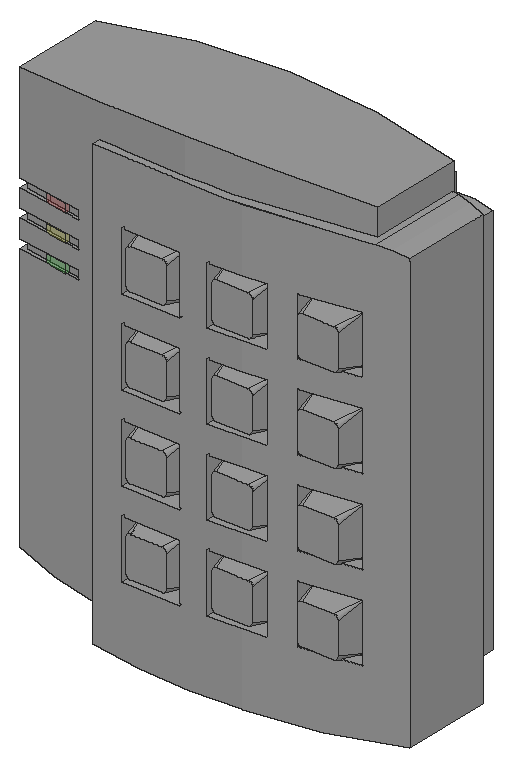
Revit family "STS-708_RV17_LOD_400", category Электрооборудование, Revit 2017
Family settings
  Конфигурация панели = Два столбца, слева направо
  Размер круглого соединителя = Использовать диаметр
  Тип детали = Щит
  На основе рабочей плоскости = Нет
  Всегда вертикально = Да
  При загрузке вырезать с полостями = Нет
  Общий = Нет
  Точка расчета площади = Нет
Parameters (values of type "STS-708")
  Частота, кГц = 125
  Удаленность от контроллера Wiegand 42, не более, м = 100 mm
  Смещение_УГО_Y [instance] = 0 mm
  Смещение_УГО_X [instance] = 0 mm
  Раздел проекта [instance] = ""
  Раздел Спецификации [instance] = ""
  Потребляемый ток, не более, А = 0.08
  Номинальная дальность считывания = "1-7 (зависит от\r\nидентификатора доступа)"
  Напряжение = "12"
  Кодировка = "Manchester 64-bit"
  Информационные интерфейсы = "Wiegand 26-42"
  Идентификаторы = "Em - Marin"
  Время считывания проксимити-карт, не более, мс = 200
  Видимость_УГО [instance] = yes
  В_Смещение_УГО_Y [instance] = Смещение_УГО_Y + 2000 mm  # 2000 mm
  В_Смещение_УГО_X [instance] = Смещение_УГО_X + 2000 mm  # 2000 mm
  d короба [instance] = 20 mm
  ADSK_Размер_Ширина = 87 mm
  ADSK_Размер_Глубина = 35 mm
  ADSK_Размер_Высота = 108 mm
  ADSK_Примечание = ""
  ADSK_Наименование = "STS-708"
  ADSK_Масса = 0.25
  ADSK_Марка = "СТВФ.431295.002"
  ADSK_Количество = 1
  ADSK_Завод-изготовитель = "ООО «Основа Безопасности»"  # constant formula
  ADSK_Единица измерения = "шт."  # constant formula
  ADSK_URL страницы изделия = "https://stilsoft.ru/products/sts-708"
  ADSK_URL документации изделия = ""
Reference planes
  plane 1 "По центру (Вперед/Назад)": y = 0
  plane 2: z = 0
  plane 3 "По центру (Влево/Вправо)": x = 0
  plane 4 "6": y = -35
  plane 5: x = 43.5
  plane 6 "7": x = -43.5
  plane 7 "вверх": z = 108
  plane 8: y = -4
  plane 9: y = -33
  plane 10: y = 0
  plane 11: x = 0
  plane 12: y = 2000
  plane 13: x = -2000
Forms (mm)
  Extrusion 1, solid, material "По умолчанию", detail levels medium+fine
    sketch origin (0, 0, 108) x (-1, 0, 0) y (0, -1, 0)
      loop
        arc (43.5, 28) -> (4, 32) -> (-35.5, 28) r 197.031
        line (-35.5, 28) -> (-35.5, 7)
        arc (-35.5, 7) -> (4, 3) -> (43.5, 7) r 197.031
        line (43.5, 7) -> (43.5, 28)
    from 0 to -100
  Extrusion 2, solid, material "По умолчанию", detail levels medium+fine
    sketch origin (0, 0, 0) x (1, 0, 0) y (0, 1, 0)
      loop
        line (-23.5, -4.578) -> (-23.5, -33)
        arc (-23.5, -33) -> (10.156, -33.62) -> (43.5, -29) r 215.844
        line (43.5, -29) -> (43.5, -9)
        arc (43.5, -9) -> (10.193, -3.867) -> (-23.5, -4.578) r 193.933
    from 0 to 100
  Extrusion 3, solid, material "По умолчанию", detail levels medium+fine
    sketch origin (0, 0, 0) x (1, 0, 0) y (0, 0, 1)
      loop
        arc (-38.5, 13) -> (-28.649, 10.51) -> (-18.5, 10) r 51.561
        line (-18.5, 10) -> (-18.5, 6)
        arc (-18.5, 6) -> (10.026, 5.004) -> (38.5, 7) r 272.209
        line (38.5, 7) -> (38.5, 94)
        arc (38.5, 94) -> (34.549, 94.894) -> (30.5, 95) r 20.654
        line (30.5, 95) -> (30.5, 99)
        arc (30.5, 99) -> (-4, 100) -> (-38.5, 99) r 595.625
        line (-38.5, 99) -> (-38.5, 13)
    from 0 to 10
  Sweep 4, void
    path origin (0, 0, 0) x (1, 0, 0) y (0, 1, 0)
      loop
        line (-23.5, -1.655) -> (-23.5, -35)
    profile origin (-23.5, -18.327, 0) x (1, 0, 0) y (0, 0, 1)
      loop
        line (0, 1) -> (-1, 1) -> (-1, -2) -> (68, -2) -> (68, 2) -> (67, 2)
        arc (67, 2) -> (33.522, 0) -> (0, 1) r 374.958
  Sweep 5, void
    path origin (0, 0, 8) x (-1, 0, 0) y (0, -1, 0)
      loop
        line (23.5, 3) -> (23.5, 33)
    profile origin (-23.5, -18, 8) x (1, 0, 0) y (0, 0, 1)
      loop
        arc (0, 0) -> (-10.125, 0.67) -> (-20, 3) r 61.309
        line (-20, 3) -> (-21.767, 3) -> (-21.767, -2) -> (0, -2) -> (0, 0)
  Sweep 6, void
    path origin (0, 0, 108) x (-1, 0, 0) y (0, -1, 0)
      loop
        line (43.5, 0) -> (43.5, 35)
    profile origin (-43.5, -17.5, 108) x (1, 0, 0) y (0, 0, 1)
      loop
        arc (0, -2) -> (39.5, 0) -> (79, -2) r 391.063
        line (79, -2) -> (81, -2) -> (81, 2) -> (-2, 2) -> (-2, -2) -> (0, -2)
  Sweep 7, void
    path origin (0, 0, 100) x (0, -1, 0) y (1, 0, 0)
      loop
        line (5.698, 35.5) -> (32, 35.5)
    profile origin (35.5, -18.849, 100) x (1, 0, 0) y (0, 0, 1)
      loop
        arc (0, 0) -> (4.038, -0.192) -> (8, -1) r 26.362
        line (8, -1) -> (9, -1) -> (9, 1) -> (0, 1) -> (0, 0)
  Extrusion 8, void, detail levels fine
    sketch origin (-43.5, 0, 0) x (0, -1, 0) y (0, 0, 1)
      loop
        line (28, 84) -> (17, 84) -> (17, 82) -> (28, 82) -> (28, 84)
      loop
        line (28, 78) -> (17, 78) -> (17, 76) -> (28, 76) -> (28, 78)
      loop
        line (28, 72) -> (17, 72) -> (17, 70) -> (28, 70) -> (28, 72)
    from 0 to -1
  Extrusion 9, void, detail levels fine
    sketch origin (-5.948, -33.735, 0) x (-0.984808, 0.173648, 0) y (0, 0, 1)
      loop
        line (37.977, 84) -> (22.977, 84) -> (22.977, 82) -> (37.977, 82) -> (37.977, 84)
      loop
        line (37.977, 78) -> (22.977, 78) -> (22.977, 76) -> (37.977, 76) -> (37.977, 78)
      loop
        line (37.977, 72) -> (22.977, 72) -> (22.977, 70) -> (37.977, 70) -> (37.977, 72)
    from 0 to -1.049
  Extrusion 10, solid, material "Стекло", detail levels fine
    sketch origin (-5.948, -33.735, 0) x (-0.984808, 0.173648, 0) y (0, 0, 1)
      loop
        line (25.977, 82) -> (30.977, 82) -> (30.977, 84) -> (25.977, 84) -> (25.977, 82)
    from 0 to -1
  Extrusion 11, solid, material "Стекло 2", detail levels fine
    sketch origin (-5.948, -33.735, -6) x (-0.984808, 0.173648, 0) y (0, 0, 1)
      loop
        line (25.977, 82) -> (30.977, 82) -> (30.977, 84) -> (25.977, 84) -> (25.977, 82)
    from 0 to -1
  Extrusion 12, solid, material "Стекло 3", detail levels fine
    sketch origin (-5.948, -33.735, -12) x (-0.984808, 0.173648, 0) y (0, 0, 1)
      loop
        line (25.977, 82) -> (30.977, 82) -> (30.977, 84) -> (25.977, 84) -> (25.977, 82)
    from 0 to -1
  Extrusion 13, void, detail levels medium+fine
    sketch origin (0, -28, 0) x (-1, 0, 0) y (0, 0, 1)
      loop
        line (16.5, 86) -> (3.5, 86) -> (3.5, 73) -> (16.5, 73) -> (16.5, 86)
      loop
        line (-2.5, 86) -> (-15.5, 86) -> (-15.5, 73) -> (-2.5, 73) -> (-2.5, 86)
      loop
        line (-21.5, 86) -> (-34.5, 86) -> (-34.5, 73) -> (-21.5, 73) -> (-21.5, 86)
      loop
        line (16.5, 67) -> (3.5, 67) -> (3.5, 54) -> (16.5, 54) -> (16.5, 67)
      loop
        line (-2.5, 67) -> (-15.5, 67) -> (-15.5, 54) -> (-2.5, 54) -> (-2.5, 67)
      loop
        line (-21.5, 67) -> (-34.5, 67) -> (-34.5, 54) -> (-21.5, 54) -> (-21.5, 67)
      loop
        line (16.5, 48) -> (3.5, 48) -> (3.5, 35) -> (16.5, 35) -> (16.5, 48)
      loop
        line (-2.5, 48) -> (-15.5, 48) -> (-15.5, 35) -> (-2.5, 35) -> (-2.5, 48)
      loop
        line (-21.5, 48) -> (-34.5, 48) -> (-34.5, 35) -> (-21.5, 35) -> (-21.5, 48)
      loop
        line (16.5, 29) -> (3.5, 29) -> (3.5, 16) -> (16.5, 16) -> (16.5, 29)
      loop
        line (-2.5, 29) -> (-15.5, 29) -> (-15.5, 16) -> (-2.5, 16) -> (-2.5, 29)
      loop
        line (-21.5, 29) -> (-34.5, 29) -> (-34.5, 16) -> (-21.5, 16) -> (-21.5, 29)
    from 0 to -7
  Blend 14, solid, material "По умолчанию", detail levels medium+fine
    base sketch origin (0, -28, 0) x (-1, 0, 0) y (0, 0, 1)
      loop
        line (15.5, 85) -> (4.5, 85) -> (4.5, 74) -> (15.5, 74) -> (15.5, 85)
    top sketch origin (0, -28, 0) x (-1, 0, 0) y (0, 0, 1)
      loop
        line (13.5, 84) -> (6.5, 84)
        arc (6.5, 84) -> (5.793, 83.707) -> (5.5, 83) r 1
        line (5.5, 83) -> (5.5, 76)
        arc (5.5, 76) -> (5.793, 75.293) -> (6.5, 75) r 1
        line (6.5, 75) -> (13.5, 75)
        arc (13.5, 75) -> (14.207, 75.293) -> (14.5, 76) r 1
        line (14.5, 76) -> (14.5, 83)
        arc (14.5, 83) -> (14.207, 83.707) -> (13.5, 84) r 1
    from 0 to -7
  Blend 15, solid, material "По умолчанию", detail levels medium+fine
    base sketch origin (19, -28, 0) x (-1, 0, 0) y (0, 0, 1)
      loop
        line (15.5, 85) -> (4.5, 85) -> (4.5, 74) -> (15.5, 74) -> (15.5, 85)
    top sketch origin (19, -28, 0) x (-1, 0, 0) y (0, 0, 1)
      loop
        line (13.5, 84) -> (6.5, 84)
        arc (6.5, 84) -> (5.793, 83.707) -> (5.5, 83) r 1
        line (5.5, 83) -> (5.5, 76)
        arc (5.5, 76) -> (5.793, 75.293) -> (6.5, 75) r 1
        line (6.5, 75) -> (13.5, 75)
        arc (13.5, 75) -> (14.207, 75.293) -> (14.5, 76) r 1
        line (14.5, 76) -> (14.5, 83)
        arc (14.5, 83) -> (14.207, 83.707) -> (13.5, 84) r 1
    from 0 to -7
  Blend 16, solid, material "По умолчанию", detail levels medium+fine
    base sketch origin (38, -28, 0) x (-1, 0, 0) y (0, 0, 1)
      loop
        line (15.5, 85) -> (4.5, 85) -> (4.5, 74) -> (15.5, 74) -> (15.5, 85)
    top sketch origin (38, -28, 0) x (-1, 0, 0) y (0, 0, 1)
      loop
        line (13.5, 84) -> (6.5, 84)
        arc (6.5, 84) -> (5.793, 83.707) -> (5.5, 83) r 1
        line (5.5, 83) -> (5.5, 76)
        arc (5.5, 76) -> (5.793, 75.293) -> (6.5, 75) r 1
        line (6.5, 75) -> (13.5, 75)
        arc (13.5, 75) -> (14.207, 75.293) -> (14.5, 76) r 1
        line (14.5, 76) -> (14.5, 83)
        arc (14.5, 83) -> (14.207, 83.707) -> (13.5, 84) r 1
    from 0 to -7
  Blend 17, solid, material "По умолчанию", detail levels medium+fine
    base sketch origin (0, -28, -19) x (-1, 0, 0) y (0, 0, 1)
      loop
        line (15.5, 85) -> (4.5, 85) -> (4.5, 74) -> (15.5, 74) -> (15.5, 85)
    top sketch origin (0, -28, -19) x (-1, 0, 0) y (0, 0, 1)
      loop
        line (13.5, 84) -> (6.5, 84)
        arc (6.5, 84) -> (5.793, 83.707) -> (5.5, 83) r 1
        line (5.5, 83) -> (5.5, 76)
        arc (5.5, 76) -> (5.793, 75.293) -> (6.5, 75) r 1
        line (6.5, 75) -> (13.5, 75)
        arc (13.5, 75) -> (14.207, 75.293) -> (14.5, 76) r 1
        line (14.5, 76) -> (14.5, 83)
        arc (14.5, 83) -> (14.207, 83.707) -> (13.5, 84) r 1
    from 0 to -7
  Blend 18, solid, material "По умолчанию", detail levels medium+fine
    base sketch origin (19, -28, -19) x (-1, 0, 0) y (0, 0, 1)
      loop
        line (15.5, 85) -> (4.5, 85) -> (4.5, 74) -> (15.5, 74) -> (15.5, 85)
    top sketch origin (19, -28, -19) x (-1, 0, 0) y (0, 0, 1)
      loop
        line (13.5, 84) -> (6.5, 84)
        arc (6.5, 84) -> (5.793, 83.707) -> (5.5, 83) r 1
        line (5.5, 83) -> (5.5, 76)
        arc (5.5, 76) -> (5.793, 75.293) -> (6.5, 75) r 1
        line (6.5, 75) -> (13.5, 75)
        arc (13.5, 75) -> (14.207, 75.293) -> (14.5, 76) r 1
        line (14.5, 76) -> (14.5, 83)
        arc (14.5, 83) -> (14.207, 83.707) -> (13.5, 84) r 1
    from 0 to -7
  Blend 19, solid, material "По умолчанию", detail levels medium+fine
    base sketch origin (38, -28, -19) x (-1, 0, 0) y (0, 0, 1)
      loop
        line (15.5, 85) -> (4.5, 85) -> (4.5, 74) -> (15.5, 74) -> (15.5, 85)
    top sketch origin (38, -28, -19) x (-1, 0, 0) y (0, 0, 1)
      loop
        line (13.5, 84) -> (6.5, 84)
        arc (6.5, 84) -> (5.793, 83.707) -> (5.5, 83) r 1
        line (5.5, 83) -> (5.5, 76)
        arc (5.5, 76) -> (5.793, 75.293) -> (6.5, 75) r 1
        line (6.5, 75) -> (13.5, 75)
        arc (13.5, 75) -> (14.207, 75.293) -> (14.5, 76) r 1
        line (14.5, 76) -> (14.5, 83)
        arc (14.5, 83) -> (14.207, 83.707) -> (13.5, 84) r 1
    from 0 to -7
  Blend 20, solid, material "По умолчанию", detail levels medium+fine
    base sketch origin (0, -28, -38) x (-1, 0, 0) y (0, 0, 1)
      loop
        line (15.5, 85) -> (4.5, 85) -> (4.5, 74) -> (15.5, 74) -> (15.5, 85)
    top sketch origin (0, -28, -38) x (-1, 0, 0) y (0, 0, 1)
      loop
        line (13.5, 84) -> (6.5, 84)
        arc (6.5, 84) -> (5.793, 83.707) -> (5.5, 83) r 1
        line (5.5, 83) -> (5.5, 76)
        arc (5.5, 76) -> (5.793, 75.293) -> (6.5, 75) r 1
        line (6.5, 75) -> (13.5, 75)
        arc (13.5, 75) -> (14.207, 75.293) -> (14.5, 76) r 1
        line (14.5, 76) -> (14.5, 83)
        arc (14.5, 83) -> (14.207, 83.707) -> (13.5, 84) r 1
    from 0 to -7
  Blend 21, solid, material "По умолчанию", detail levels medium+fine
    base sketch origin (19, -28, -38) x (-1, 0, 0) y (0, 0, 1)
      loop
        line (15.5, 85) -> (4.5, 85) -> (4.5, 74) -> (15.5, 74) -> (15.5, 85)
    top sketch origin (19, -28, -38) x (-1, 0, 0) y (0, 0, 1)
      loop
        line (13.5, 84) -> (6.5, 84)
        arc (6.5, 84) -> (5.793, 83.707) -> (5.5, 83) r 1
        line (5.5, 83) -> (5.5, 76)
        arc (5.5, 76) -> (5.793, 75.293) -> (6.5, 75) r 1
        line (6.5, 75) -> (13.5, 75)
        arc (13.5, 75) -> (14.207, 75.293) -> (14.5, 76) r 1
        line (14.5, 76) -> (14.5, 83)
        arc (14.5, 83) -> (14.207, 83.707) -> (13.5, 84) r 1
    from 0 to -7
  Blend 22, solid, material "По умолчанию", detail levels medium+fine
    base sketch origin (38, -28, -38) x (-1, 0, 0) y (0, 0, 1)
      loop
        line (15.5, 85) -> (4.5, 85) -> (4.5, 74) -> (15.5, 74) -> (15.5, 85)
    top sketch origin (38, -28, -38) x (-1, 0, 0) y (0, 0, 1)
      loop
        line (13.5, 84) -> (6.5, 84)
        arc (6.5, 84) -> (5.793, 83.707) -> (5.5, 83) r 1
        line (5.5, 83) -> (5.5, 76)
        arc (5.5, 76) -> (5.793, 75.293) -> (6.5, 75) r 1
        line (6.5, 75) -> (13.5, 75)
        arc (13.5, 75) -> (14.207, 75.293) -> (14.5, 76) r 1
        line (14.5, 76) -> (14.5, 83)
        arc (14.5, 83) -> (14.207, 83.707) -> (13.5, 84) r 1
    from 0 to -7
  Blend 23, solid, material "По умолчанию", detail levels medium+fine
    base sketch origin (0, -28, -57) x (-1, 0, 0) y (0, 0, 1)
      loop
        line (15.5, 85) -> (4.5, 85) -> (4.5, 74) -> (15.5, 74) -> (15.5, 85)
    top sketch origin (0, -28, -57) x (-1, 0, 0) y (0, 0, 1)
      loop
        line (13.5, 84) -> (6.5, 84)
        arc (6.5, 84) -> (5.793, 83.707) -> (5.5, 83) r 1
        line (5.5, 83) -> (5.5, 76)
        arc (5.5, 76) -> (5.793, 75.293) -> (6.5, 75) r 1
        line (6.5, 75) -> (13.5, 75)
        arc (13.5, 75) -> (14.207, 75.293) -> (14.5, 76) r 1
        line (14.5, 76) -> (14.5, 83)
        arc (14.5, 83) -> (14.207, 83.707) -> (13.5, 84) r 1
    from 0 to -7
  Blend 24, solid, material "По умолчанию", detail levels medium+fine
    base sketch origin (19, -28, -57) x (-1, 0, 0) y (0, 0, 1)
      loop
        line (15.5, 85) -> (4.5, 85) -> (4.5, 74) -> (15.5, 74) -> (15.5, 85)
    top sketch origin (19, -28, -57) x (-1, 0, 0) y (0, 0, 1)
      loop
        line (13.5, 84) -> (6.5, 84)
        arc (6.5, 84) -> (5.793, 83.707) -> (5.5, 83) r 1
        line (5.5, 83) -> (5.5, 76)
        arc (5.5, 76) -> (5.793, 75.293) -> (6.5, 75) r 1
        line (6.5, 75) -> (13.5, 75)
        arc (13.5, 75) -> (14.207, 75.293) -> (14.5, 76) r 1
        line (14.5, 76) -> (14.5, 83)
        arc (14.5, 83) -> (14.207, 83.707) -> (13.5, 84) r 1
    from 0 to -7
  Blend 25, solid, material "По умолчанию", detail levels medium+fine
    base sketch origin (38, -28, -57) x (-1, 0, 0) y (0, 0, 1)
      loop
        line (15.5, 85) -> (4.5, 85) -> (4.5, 74) -> (15.5, 74) -> (15.5, 85)
    top sketch origin (38, -28, -57) x (-1, 0, 0) y (0, 0, 1)
      loop
        line (13.5, 84) -> (6.5, 84)
        arc (6.5, 84) -> (5.793, 83.707) -> (5.5, 83) r 1
        line (5.5, 83) -> (5.5, 76)
        arc (5.5, 76) -> (5.793, 75.293) -> (6.5, 75) r 1
        line (6.5, 75) -> (13.5, 75)
        arc (13.5, 75) -> (14.207, 75.293) -> (14.5, 76) r 1
        line (14.5, 76) -> (14.5, 83)
        arc (14.5, 83) -> (14.207, 83.707) -> (13.5, 84) r 1
    from 0 to -7
  Extrusion 26, solid, not visible, detail levels medium+fine
    sketch origin (0, 0, 108) x (-1, 0, 0) y (0, -1, 0)
      loop
        arc (43.5, 28) -> (4, 32) -> (-35.5, 28) r 197.031
        line (-35.5, 28) -> (-35.5, 7)
        arc (-35.5, 7) -> (4, 3) -> (43.5, 7) r 197.031
        line (43.5, 7) -> (43.5, 28)
    from 0 to -100
  Extrusion 27, solid, not visible, detail levels medium+fine
    sketch origin (0, 0, 0) x (1, 0, 0) y (0, 1, 0)
      loop
        line (-23.5, -4.578) -> (-23.5, -33)
        arc (-23.5, -33) -> (10.156, -33.62) -> (43.5, -29) r 215.844
        line (43.5, -29) -> (43.5, -9)
        arc (43.5, -9) -> (10.193, -3.867) -> (-23.5, -4.578) r 193.933
    from 0 to 100
  Extrusion 28, solid, not visible, detail levels medium+fine
    sketch origin (0, 0, 0) x (1, 0, 0) y (0, 0, 1)
      loop
        arc (-38.5, 13) -> (-28.649, 10.51) -> (-18.5, 10) r 51.561
        line (-18.5, 10) -> (-18.5, 6)
        arc (-18.5, 6) -> (10.026, 5.004) -> (38.5, 7) r 272.209
        line (38.5, 7) -> (38.5, 94)
        arc (38.5, 94) -> (34.549, 94.894) -> (30.5, 95) r 20.654
        line (30.5, 95) -> (30.5, 99)
        arc (30.5, 99) -> (-4, 100) -> (-38.5, 99) r 595.625
        line (-38.5, 99) -> (-38.5, 13)
    from 0 to 10
  Sweep 29, void, not visible
    path origin (0, 0, 0) x (1, 0, 0) y (0, 1, 0)
      loop
        line (-23.5, -1.655) -> (-23.5, -35)
    profile origin (-23.5, -18.327, 0) x (1, 0, 0) y (0, 0, 1)
      loop
        line (0, 1) -> (-1, 1) -> (-1, -2) -> (68, -2) -> (68, 2) -> (67, 2)
        arc (67, 2) -> (33.522, 0) -> (0, 1) r 374.958
  Sweep 30, void, not visible
    path origin (0, 0, 8) x (-1, 0, 0) y (0, -1, 0)
      loop
        line (23.5, 3) -> (23.5, 33)
    profile origin (-23.5, -18, 8) x (1, 0, 0) y (0, 0, 1)
      loop
        arc (0, 0) -> (-10.125, 0.67) -> (-20, 3) r 61.309
        line (-20, 3) -> (-21.767, 3) -> (-21.767, -2) -> (0, -2) -> (0, 0)
  Sweep 31, void, not visible
    path origin (0, 0, 108) x (-1, 0, 0) y (0, -1, 0)
      loop
        line (43.5, 0) -> (43.5, 35)
    profile origin (-43.5, -17.5, 108) x (1, 0, 0) y (0, 0, 1)
      loop
        arc (0, -2) -> (39.5, 0) -> (79, -2) r 391.063
        line (79, -2) -> (81, -2) -> (81, 2) -> (-2, 2) -> (-2, -2) -> (0, -2)
  Sweep 32, void, not visible
    path origin (0, 0, 100) x (0, -1, 0) y (1, 0, 0)
      loop
        line (5.698, 35.5) -> (32, 35.5)
    profile origin (35.5, -18.849, 100) x (1, 0, 0) y (0, 0, 1)
      loop
        arc (0, 0) -> (4.038, -0.192) -> (8, -1) r 26.362
        line (8, -1) -> (9, -1) -> (9, 1) -> (0, 1) -> (0, 0)
  Extrusion 33, void, not visible, detail levels fine
    sketch origin (-43.5, 0, 0) x (0, -1, 0) y (0, 0, 1)
      loop
        line (28, 84) -> (17, 84) -> (17, 82) -> (28, 82) -> (28, 84)
      loop
        line (28, 78) -> (17, 78) -> (17, 76) -> (28, 76) -> (28, 78)
      loop
        line (28, 72) -> (17, 72) -> (17, 70) -> (28, 70) -> (28, 72)
    from 0 to -1
  Extrusion 34, void, not visible, detail levels fine
    sketch origin (-5.948, -33.735, 0) x (-0.984808, 0.173648, 0) y (0, 0, 1)
      loop
        line (37.977, 84) -> (22.977, 84) -> (22.977, 82) -> (37.977, 82) -> (37.977, 84)
      loop
        line (37.977, 78) -> (22.977, 78) -> (22.977, 76) -> (37.977, 76) -> (37.977, 78)
      loop
        line (37.977, 72) -> (22.977, 72) -> (22.977, 70) -> (37.977, 70) -> (37.977, 72)
    from 0 to -1.049
  Extrusion 35, solid, not visible, detail levels fine
    sketch origin (-5.948, -33.735, 0) x (-0.984808, 0.173648, 0) y (0, 0, 1)
      loop
        line (25.977, 82) -> (30.977, 82) -> (30.977, 84) -> (25.977, 84) -> (25.977, 82)
    from 0 to -1
  Extrusion 36, solid, not visible, detail levels fine
    sketch origin (-5.948, -33.735, -6) x (-0.984808, 0.173648, 0) y (0, 0, 1)
      loop
        line (25.977, 82) -> (30.977, 82) -> (30.977, 84) -> (25.977, 84) -> (25.977, 82)
    from 0 to -1
  Extrusion 37, solid, not visible, detail levels fine
    sketch origin (-5.948, -33.735, -12) x (-0.984808, 0.173648, 0) y (0, 0, 1)
      loop
        line (25.977, 82) -> (30.977, 82) -> (30.977, 84) -> (25.977, 84) -> (25.977, 82)
    from 0 to -1
  Extrusion 38, void, not visible, detail levels medium+fine
    sketch origin (0, -28, 0) x (-1, 0, 0) y (0, 0, 1)
      loop
        line (16.5, 86) -> (3.5, 86) -> (3.5, 73) -> (16.5, 73) -> (16.5, 86)
      loop
        line (-2.5, 86) -> (-15.5, 86) -> (-15.5, 73) -> (-2.5, 73) -> (-2.5, 86)
      loop
        line (-21.5, 86) -> (-34.5, 86) -> (-34.5, 73) -> (-21.5, 73) -> (-21.5, 86)
      loop
        line (16.5, 67) -> (3.5, 67) -> (3.5, 54) -> (16.5, 54) -> (16.5, 67)
      loop
        line (-2.5, 67) -> (-15.5, 67) -> (-15.5, 54) -> (-2.5, 54) -> (-2.5, 67)
      loop
        line (-21.5, 67) -> (-34.5, 67) -> (-34.5, 54) -> (-21.5, 54) -> (-21.5, 67)
      loop
        line (16.5, 48) -> (3.5, 48) -> (3.5, 35) -> (16.5, 35) -> (16.5, 48)
      loop
        line (-2.5, 48) -> (-15.5, 48) -> (-15.5, 35) -> (-2.5, 35) -> (-2.5, 48)
      loop
        line (-21.5, 48) -> (-34.5, 48) -> (-34.5, 35) -> (-21.5, 35) -> (-21.5, 48)
      loop
        line (16.5, 29) -> (3.5, 29) -> (3.5, 16) -> (16.5, 16) -> (16.5, 29)
      loop
        line (-2.5, 29) -> (-15.5, 29) -> (-15.5, 16) -> (-2.5, 16) -> (-2.5, 29)
      loop
        line (-21.5, 29) -> (-34.5, 29) -> (-34.5, 16) -> (-21.5, 16) -> (-21.5, 29)
    from 0 to -7
  Blend 39, solid, not visible, detail levels medium+fine
    base sketch origin (0, -28, 0) x (-1, 0, 0) y (0, 0, 1)
      loop
        line (15.5, 85) -> (4.5, 85) -> (4.5, 74) -> (15.5, 74) -> (15.5, 85)
    top sketch origin (0, -28, 0) x (-1, 0, 0) y (0, 0, 1)
      loop
        line (13.5, 84) -> (6.5, 84)
        arc (6.5, 84) -> (5.793, 83.707) -> (5.5, 83) r 1
        line (5.5, 83) -> (5.5, 76)
        arc (5.5, 76) -> (5.793, 75.293) -> (6.5, 75) r 1
        line (6.5, 75) -> (13.5, 75)
        arc (13.5, 75) -> (14.207, 75.293) -> (14.5, 76) r 1
        line (14.5, 76) -> (14.5, 83)
        arc (14.5, 83) -> (14.207, 83.707) -> (13.5, 84) r 1
    from 0 to -7
  Blend 40, solid, not visible, detail levels medium+fine
    base sketch origin (19, -28, 0) x (-1, 0, 0) y (0, 0, 1)
      loop
        line (15.5, 85) -> (4.5, 85) -> (4.5, 74) -> (15.5, 74) -> (15.5, 85)
    top sketch origin (19, -28, 0) x (-1, 0, 0) y (0, 0, 1)
      loop
        line (13.5, 84) -> (6.5, 84)
        arc (6.5, 84) -> (5.793, 83.707) -> (5.5, 83) r 1
        line (5.5, 83) -> (5.5, 76)
        arc (5.5, 76) -> (5.793, 75.293) -> (6.5, 75) r 1
        line (6.5, 75) -> (13.5, 75)
        arc (13.5, 75) -> (14.207, 75.293) -> (14.5, 76) r 1
        line (14.5, 76) -> (14.5, 83)
        arc (14.5, 83) -> (14.207, 83.707) -> (13.5, 84) r 1
    from 0 to -7
  Blend 41, solid, not visible, detail levels medium+fine
    base sketch origin (38, -28, 0) x (-1, 0, 0) y (0, 0, 1)
      loop
        line (15.5, 85) -> (4.5, 85) -> (4.5, 74) -> (15.5, 74) -> (15.5, 85)
    top sketch origin (38, -28, 0) x (-1, 0, 0) y (0, 0, 1)
      loop
        line (13.5, 84) -> (6.5, 84)
        arc (6.5, 84) -> (5.793, 83.707) -> (5.5, 83) r 1
        line (5.5, 83) -> (5.5, 76)
        arc (5.5, 76) -> (5.793, 75.293) -> (6.5, 75) r 1
        line (6.5, 75) -> (13.5, 75)
        arc (13.5, 75) -> (14.207, 75.293) -> (14.5, 76) r 1
        line (14.5, 76) -> (14.5, 83)
        arc (14.5, 83) -> (14.207, 83.707) -> (13.5, 84) r 1
    from 0 to -7
  Blend 42, solid, not visible, detail levels medium+fine
    base sketch origin (0, -28, -19) x (-1, 0, 0) y (0, 0, 1)
      loop
        line (15.5, 85) -> (4.5, 85) -> (4.5, 74) -> (15.5, 74) -> (15.5, 85)
    top sketch origin (0, -28, -19) x (-1, 0, 0) y (0, 0, 1)
      loop
        line (13.5, 84) -> (6.5, 84)
        arc (6.5, 84) -> (5.793, 83.707) -> (5.5, 83) r 1
        line (5.5, 83) -> (5.5, 76)
        arc (5.5, 76) -> (5.793, 75.293) -> (6.5, 75) r 1
        line (6.5, 75) -> (13.5, 75)
        arc (13.5, 75) -> (14.207, 75.293) -> (14.5, 76) r 1
        line (14.5, 76) -> (14.5, 83)
        arc (14.5, 83) -> (14.207, 83.707) -> (13.5, 84) r 1
    from 0 to -7
  Blend 43, solid, not visible, detail levels medium+fine
    base sketch origin (19, -28, -19) x (-1, 0, 0) y (0, 0, 1)
      loop
        line (15.5, 85) -> (4.5, 85) -> (4.5, 74) -> (15.5, 74) -> (15.5, 85)
    top sketch origin (19, -28, -19) x (-1, 0, 0) y (0, 0, 1)
      loop
        line (13.5, 84) -> (6.5, 84)
        arc (6.5, 84) -> (5.793, 83.707) -> (5.5, 83) r 1
        line (5.5, 83) -> (5.5, 76)
        arc (5.5, 76) -> (5.793, 75.293) -> (6.5, 75) r 1
        line (6.5, 75) -> (13.5, 75)
        arc (13.5, 75) -> (14.207, 75.293) -> (14.5, 76) r 1
        line (14.5, 76) -> (14.5, 83)
        arc (14.5, 83) -> (14.207, 83.707) -> (13.5, 84) r 1
    from 0 to -7
  Blend 44, solid, not visible, detail levels medium+fine
    base sketch origin (38, -28, -19) x (-1, 0, 0) y (0, 0, 1)
      loop
        line (15.5, 85) -> (4.5, 85) -> (4.5, 74) -> (15.5, 74) -> (15.5, 85)
    top sketch origin (38, -28, -19) x (-1, 0, 0) y (0, 0, 1)
      loop
        line (13.5, 84) -> (6.5, 84)
        arc (6.5, 84) -> (5.793, 83.707) -> (5.5, 83) r 1
        line (5.5, 83) -> (5.5, 76)
        arc (5.5, 76) -> (5.793, 75.293) -> (6.5, 75) r 1
        line (6.5, 75) -> (13.5, 75)
        arc (13.5, 75) -> (14.207, 75.293) -> (14.5, 76) r 1
        line (14.5, 76) -> (14.5, 83)
        arc (14.5, 83) -> (14.207, 83.707) -> (13.5, 84) r 1
    from 0 to -7
  Blend 45, solid, not visible, detail levels medium+fine
    base sketch origin (0, -28, -38) x (-1, 0, 0) y (0, 0, 1)
      loop
        line (15.5, 85) -> (4.5, 85) -> (4.5, 74) -> (15.5, 74) -> (15.5, 85)
    top sketch origin (0, -28, -38) x (-1, 0, 0) y (0, 0, 1)
      loop
        line (13.5, 84) -> (6.5, 84)
        arc (6.5, 84) -> (5.793, 83.707) -> (5.5, 83) r 1
        line (5.5, 83) -> (5.5, 76)
        arc (5.5, 76) -> (5.793, 75.293) -> (6.5, 75) r 1
        line (6.5, 75) -> (13.5, 75)
        arc (13.5, 75) -> (14.207, 75.293) -> (14.5, 76) r 1
        line (14.5, 76) -> (14.5, 83)
        arc (14.5, 83) -> (14.207, 83.707) -> (13.5, 84) r 1
    from 0 to -7
  Blend 46, solid, not visible, detail levels medium+fine
    base sketch origin (19, -28, -38) x (-1, 0, 0) y (0, 0, 1)
      loop
        line (15.5, 85) -> (4.5, 85) -> (4.5, 74) -> (15.5, 74) -> (15.5, 85)
    top sketch origin (19, -28, -38) x (-1, 0, 0) y (0, 0, 1)
      loop
        line (13.5, 84) -> (6.5, 84)
        arc (6.5, 84) -> (5.793, 83.707) -> (5.5, 83) r 1
        line (5.5, 83) -> (5.5, 76)
        arc (5.5, 76) -> (5.793, 75.293) -> (6.5, 75) r 1
        line (6.5, 75) -> (13.5, 75)
        arc (13.5, 75) -> (14.207, 75.293) -> (14.5, 76) r 1
        line (14.5, 76) -> (14.5, 83)
        arc (14.5, 83) -> (14.207, 83.707) -> (13.5, 84) r 1
    from 0 to -7
  Blend 47, solid, not visible, detail levels medium+fine
    base sketch origin (38, -28, -38) x (-1, 0, 0) y (0, 0, 1)
      loop
        line (15.5, 85) -> (4.5, 85) -> (4.5, 74) -> (15.5, 74) -> (15.5, 85)
    top sketch origin (38, -28, -38) x (-1, 0, 0) y (0, 0, 1)
      loop
        line (13.5, 84) -> (6.5, 84)
        arc (6.5, 84) -> (5.793, 83.707) -> (5.5, 83) r 1
        line (5.5, 83) -> (5.5, 76)
        arc (5.5, 76) -> (5.793, 75.293) -> (6.5, 75) r 1
        line (6.5, 75) -> (13.5, 75)
        arc (13.5, 75) -> (14.207, 75.293) -> (14.5, 76) r 1
        line (14.5, 76) -> (14.5, 83)
        arc (14.5, 83) -> (14.207, 83.707) -> (13.5, 84) r 1
    from 0 to -7
  Blend 48, solid, not visible, detail levels medium+fine
    base sketch origin (0, -28, -57) x (-1, 0, 0) y (0, 0, 1)
      loop
        line (15.5, 85) -> (4.5, 85) -> (4.5, 74) -> (15.5, 74) -> (15.5, 85)
    top sketch origin (0, -28, -57) x (-1, 0, 0) y (0, 0, 1)
      loop
        line (13.5, 84) -> (6.5, 84)
        arc (6.5, 84) -> (5.793, 83.707) -> (5.5, 83) r 1
        line (5.5, 83) -> (5.5, 76)
        arc (5.5, 76) -> (5.793, 75.293) -> (6.5, 75) r 1
        line (6.5, 75) -> (13.5, 75)
        arc (13.5, 75) -> (14.207, 75.293) -> (14.5, 76) r 1
        line (14.5, 76) -> (14.5, 83)
        arc (14.5, 83) -> (14.207, 83.707) -> (13.5, 84) r 1
    from 0 to -7
  Blend 49, solid, not visible, detail levels medium+fine
    base sketch origin (19, -28, -57) x (-1, 0, 0) y (0, 0, 1)
      loop
        line (15.5, 85) -> (4.5, 85) -> (4.5, 74) -> (15.5, 74) -> (15.5, 85)
    top sketch origin (19, -28, -57) x (-1, 0, 0) y (0, 0, 1)
      loop
        line (13.5, 84) -> (6.5, 84)
        arc (6.5, 84) -> (5.793, 83.707) -> (5.5, 83) r 1
        line (5.5, 83) -> (5.5, 76)
        arc (5.5, 76) -> (5.793, 75.293) -> (6.5, 75) r 1
        line (6.5, 75) -> (13.5, 75)
        arc (13.5, 75) -> (14.207, 75.293) -> (14.5, 76) r 1
        line (14.5, 76) -> (14.5, 83)
        arc (14.5, 83) -> (14.207, 83.707) -> (13.5, 84) r 1
    from 0 to -7
  Blend 50, solid, not visible, detail levels medium+fine
    base sketch origin (38, -28, -57) x (-1, 0, 0) y (0, 0, 1)
      loop
        line (15.5, 85) -> (4.5, 85) -> (4.5, 74) -> (15.5, 74) -> (15.5, 85)
    top sketch origin (38, -28, -57) x (-1, 0, 0) y (0, 0, 1)
      loop
        line (13.5, 84) -> (6.5, 84)
        arc (6.5, 84) -> (5.793, 83.707) -> (5.5, 83) r 1
        line (5.5, 83) -> (5.5, 76)
        arc (5.5, 76) -> (5.793, 75.293) -> (6.5, 75) r 1
        line (6.5, 75) -> (13.5, 75)
        arc (13.5, 75) -> (14.207, 75.293) -> (14.5, 76) r 1
        line (14.5, 76) -> (14.5, 83)
        arc (14.5, 83) -> (14.207, 83.707) -> (13.5, 84) r 1
    from 0 to -7
Cuts and joins
  Sweep 4, Sweep 5, Sweep 6, Extrusion 8, Extrusion 9, Extrusion 13 cuts Extrusion 1
  Sweep 4, Sweep 6, Sweep 7, Extrusion 8, Extrusion 9, Extrusion 13 cuts Extrusion 2
  Extrusion 8, Extrusion 9, Extrusion 13 cuts Extrusion 3
  joined: Extrusion 1, Extrusion 2, Extrusion 3
Lines and regions (mm)
  model lines, detail levels fine
    curve 1: line (-11.375, -35, 80.689) -> (-11.375, -35, 81.392)
    curve 2: arc (-11.375, -35, 81.392) -> (-10.406, -35, 81.978) -> (-9.691, -35, 82.856) r 3.316
    curve 3: line (-9.691, -35, 82.856) -> (-9.074, -35, 82.856)
    curve 4: line (-9.074, -35, 82.856) -> (-9.074, -35, 76.834)
    curve 5: line (-9.074, -35, 76.834) -> (-9.905, -35, 76.834)
    curve 6: line (-9.905, -35, 76.834) -> (-9.905, -35, 81.564)
    curve 7: arc (-9.905, -35, 81.564) -> (-10.571, -35, 81.012) -> (-11.375, -35, 80.689) r 2.809
    curve 8: line (8.224, -35, 80.973) -> (7.484, -35, 80.973)
    curve 9: line (7.484, -35, 80.973) -> (8.332, -35, 77.412)
    curve 10: line (8.332, -35, 77.412) -> (11.301, -35, 77.412)
    curve 11: line (11.301, -35, 77.412) -> (11.301, -35, 76.649)
    curve 12: line (11.301, -35, 76.649) -> (7.309, -35, 76.649)
    curve 13: line (7.309, -35, 76.649) -> (8.224, -35, 80.973)
    curve 14: line (26.604, -35, 80.67) -> (25.824, -35, 80.954)
    curve 15: line (25.824, -35, 80.954) -> (28.55, -35, 79.775)
    curve 16: line (28.55, -35, 79.775) -> (25.671, -35, 77.947)
    curve 17: line (25.671, -35, 77.947) -> (26.399, -35, 78.075)
    curve 18: line (26.399, -35, 78.075) -> (28.327, -35, 79.265)
    curve 19: line (28.327, -35, 79.265) -> (27.187, -35, 79.265)
    curve 20: line (27.187, -35, 79.265) -> (27.187, -35, 79.981)
    curve 21: line (27.187, -35, 79.981) -> (27.997, -35, 79.981)
    curve 22: line (27.997, -35, 79.981) -> (26.604, -35, 80.67)
    curve 23: line (-11.873, -35, 59.693) -> (-10.05, -35, 59.693)
    curve 24: line (-10.05, -35, 59.693) -> (-10.05, -35, 62.329)
    curve 25: line (-10.05, -35, 62.329) -> (-11.873, -35, 59.693)
    curve 26: line (-12.569, -35, 59.877) -> (-9.878, -35, 63.581)
    curve 27: line (-9.878, -35, 63.581) -> (-9.184, -35, 63.581)
    curve 28: line (-9.184, -35, 63.581) -> (-9.184, -35, 59.693)
    curve 29: line (-9.184, -35, 59.693) -> (-8.365, -35, 59.693)
    curve 30: line (-8.365, -35, 59.693) -> (-8.365, -35, 59.005)
    curve 31: line (-8.365, -35, 59.005) -> (-9.184, -35, 59.005)
    curve 32: line (-9.184, -35, 59.005) -> (-9.184, -35, 57.515)
    curve 33: line (-9.184, -35, 57.515) -> (-10.05, -35, 57.515)
    curve 34: line (-10.05, -35, 57.515) -> (-10.05, -35, 59.005)
    curve 35: line (-10.05, -35, 59.005) -> (-12.569, -35, 59.005)
    curve 36: line (-12.569, -35, 59.005) -> (-12.569, -35, 59.877)
    curve 37: line (7.868, -35, 61.249) -> (8.161, -35, 62.914)
    curve 38: line (8.161, -35, 62.914) -> (10.607, -35, 62.914)
    curve 39: line (10.607, -35, 62.914) -> (10.607, -35, 63.671)
    curve 40: line (10.607, -35, 63.671) -> (7.584, -35, 63.671)
    curve 41: line (7.584, -35, 63.671) -> (7.009, -35, 60.409)
    curve 42: line (7.009, -35, 60.409) -> (7.833, -35, 60.409)
    curve 43: line (7.833, -35, 60.409) -> (7.755, -35, 59.239)
    curve 44: line (7.755, -35, 59.239) -> (6.902, -35, 59.239)
    curve 45: line (6.902, -35, 59.239) -> (7.868, -35, 61.249)
    curve 46: line (26.632, -35, 61.075) -> (28.872, -35, 62.406)
    curve 47: line (28.872, -35, 62.406) -> (29.697, -35, 62.406)
    curve 48: line (29.697, -35, 62.406) -> (26.632, -35, 61.075)
    curve 49: circle (27.889, -35, 59.823) r 1.162 normal (0, 1, 0)
    curve 50: line (-8.744, -35, 43.873) -> (-11.65, -35, 43.873)
    curve 51: line (-11.65, -35, 43.873) -> (-11.65, -35, 44.625)
    curve 52: line (-11.65, -35, 44.625) -> (-7.603, -35, 44.625)
    curve 53: line (-7.603, -35, 44.625) -> (-7.603, -35, 43.873)
    curve 54: line (-7.603, -35, 43.873) -> (-9.964, -35, 38.691)
    curve 55: line (-9.964, -35, 38.691) -> (-10.79, -35, 38.691)
    curve 56: line (-10.79, -35, 38.691) -> (-8.744, -35, 43.873)
    curve 57: circle (9.278, -35, 43.251) r 0.929 normal (0, 1, 0)
    curve 58: circle (9.256, -35, 40.401) r 1.255 normal (0, 1, 0)
    curve 59: line (8.516, -35, 42.025) -> (10.218, -35, 42.023)
    curve 60: line (10.218, -35, 42.023) -> (8.51, -35, 42.023)
    curve 61: line (26.588, -35, 40.385) -> (27.411, -35, 40.385)
    curve 62: line (27.411, -35, 40.385) -> (29.754, -35, 41.797)
    curve 63: line (29.754, -35, 41.797) -> (26.588, -35, 40.385)
    curve 64: circle (28.474, -35, 43.025) r 1.196 normal (0, 1, 0)
    curve 65: spline (9.262, -35, 20.049) -> (9.592, -35, 20.131) -> (9.9, -35, 20.37) -> (10.164, -35, 20.751) -> (10.366, -35, 21.247) -> (10.494, -35, 21.825) -> (10.537, -35, 22.445) -> (10.494, -35, 23.065) -> (10.366, -35, 23.642) -> (10.164, -35, 24.138) -> (9.9, -35, 24.519) -> (9.592, -35, 24.758) -> (9.262, -35, 24.84) -> (8.932, -35, 24.758) -> (8.625, -35, 24.519) -> (8.361, -35, 24.138) -> (8.158, -35, 23.642) -> (8.031, -35, 23.065) -> (7.987, -35, 22.445) -> (8.031, -35, 21.825) -> (8.158, -35, 21.247) -> (8.361, -35, 20.751) -> (8.625, -35, 20.37) -> (8.932, -35, 20.131) -> (9.262, -35, 20.049)
    curve 66: spline (9.262, -35, 19.509) -> (9.787, -35, 19.613) -> (10.276, -35, 19.917) -> (10.696, -35, 20.402) -> (11.019, -35, 21.035) -> (11.221, -35, 21.771) -> (11.29, -35, 22.561) -> (11.221, -35, 23.35) -> (11.019, -35, 24.087) -> (10.696, -35, 24.719) -> (10.276, -35, 25.204) -> (9.787, -35, 25.509) -> (9.262, -35, 25.613) -> (8.737, -35, 25.509) -> (8.248, -35, 25.204) -> (7.828, -35, 24.719) -> (7.506, -35, 24.087) -> (7.303, -35, 23.35) -> (7.234, -35, 22.561) -> (7.303, -35, 21.771) -> (7.506, -35, 21.035) -> (7.828, -35, 20.402) -> (8.248, -35, 19.917) -> (8.737, -35, 19.613) -> (9.262, -35, 19.509)
  model lines, not visible
    curve 67: line (146.082, -35, 76.492) -> (146.082, -35, 77.194)
    curve 68: arc (146.082, -35, 77.194) -> (147.051, -35, 77.78) -> (147.766, -35, 78.658) r 3.316
    curve 69: line (147.766, -35, 78.658) -> (148.383, -35, 78.658)
    curve 70: line (148.383, -35, 78.658) -> (148.383, -35, 72.637)
    curve 71: line (148.383, -35, 72.637) -> (147.552, -35, 72.637)
    curve 72: line (147.552, -35, 72.637) -> (147.552, -35, 77.366)
    curve 73: arc (147.552, -35, 77.366) -> (146.885, -35, 76.814) -> (146.082, -35, 76.492) r 2.809
    curve 74: line (165.205, -35, 76.749) -> (164.465, -35, 76.749)
    curve 75: line (164.465, -35, 76.749) -> (165.313, -35, 73.187)
    curve 76: line (165.313, -35, 73.187) -> (168.282, -35, 73.187)
    curve 77: line (168.282, -35, 73.187) -> (168.282, -35, 72.425)
    curve 78: line (168.282, -35, 72.425) -> (164.291, -35, 72.425)
    curve 79: line (164.291, -35, 72.425) -> (165.205, -35, 76.749)
    curve 80: line (184.223, -35, 76.64) -> (183.443, -35, 76.924)
    curve 81: line (183.443, -35, 76.924) -> (186.17, -35, 75.744)
    curve 82: line (186.17, -35, 75.744) -> (183.29, -35, 73.916)
    curve 83: line (183.29, -35, 73.916) -> (184.018, -35, 74.045)
    curve 84: line (184.018, -35, 74.045) -> (185.946, -35, 75.235)
    curve 85: line (185.946, -35, 75.235) -> (184.806, -35, 75.235)
    curve 86: line (184.806, -35, 75.235) -> (184.806, -35, 75.951)
    curve 87: line (184.806, -35, 75.951) -> (185.616, -35, 75.951)
    curve 88: line (185.616, -35, 75.951) -> (184.223, -35, 76.64)
    curve 89: line (145.709, -35, 55.038) -> (147.532, -35, 55.038)
    curve 90: line (147.532, -35, 55.038) -> (147.532, -35, 57.674)
    curve 91: line (147.532, -35, 57.674) -> (145.709, -35, 55.038)
    curve 92: line (145.013, -35, 55.223) -> (147.704, -35, 58.926)
    curve 93: line (147.704, -35, 58.926) -> (148.398, -35, 58.926)
    curve 94: line (148.398, -35, 58.926) -> (148.398, -35, 55.038)
    curve 95: line (148.398, -35, 55.038) -> (149.217, -35, 55.038)
    curve 96: line (149.217, -35, 55.038) -> (149.217, -35, 54.35)
    curve 97: line (149.217, -35, 54.35) -> (148.398, -35, 54.35)
    curve 98: line (148.398, -35, 54.35) -> (148.398, -35, 52.86)
    curve 99: line (148.398, -35, 52.86) -> (147.532, -35, 52.86)
    curve 100: line (147.532, -35, 52.86) -> (147.532, -35, 54.35)
    curve 101: line (147.532, -35, 54.35) -> (145.013, -35, 54.35)
    curve 102: line (145.013, -35, 54.35) -> (145.013, -35, 55.223)
    curve 103: line (165.45, -35, 56.595) -> (165.743, -35, 58.259)
    curve 104: line (165.743, -35, 58.259) -> (168.189, -35, 58.259)
    curve 105: line (168.189, -35, 58.259) -> (168.189, -35, 59.017)
    curve 106: line (168.189, -35, 59.017) -> (165.166, -35, 59.017)
    curve 107: line (165.166, -35, 59.017) -> (164.591, -35, 55.755)
    curve 108: line (164.591, -35, 55.755) -> (165.415, -35, 55.755)
    curve 109: line (165.415, -35, 55.755) -> (165.337, -35, 54.585)
    curve 110: line (165.337, -35, 54.585) -> (164.484, -35, 54.585)
    curve 111: line (164.484, -35, 54.585) -> (165.45, -35, 56.595)
    curve 112: line (184.214, -35, 56.42) -> (186.454, -35, 57.752)
    curve 113: line (186.454, -35, 57.752) -> (187.279, -35, 57.752)
    curve 114: line (187.279, -35, 57.752) -> (184.214, -35, 56.42)
    curve 115: circle (185.471, -35, 55.169) r 1.162 normal (0, 1, 0)
    curve 116: line (148.14, -35, 38.52) -> (145.234, -35, 38.52)
    curve 117: line (145.234, -35, 38.52) -> (145.234, -35, 39.272)
    curve 118: line (145.234, -35, 39.272) -> (149.281, -35, 39.272)
    curve 119: line (149.281, -35, 39.272) -> (149.281, -35, 38.52)
    curve 120: line (149.281, -35, 38.52) -> (146.919, -35, 33.339)
    curve 121: line (146.919, -35, 33.339) -> (146.094, -35, 33.339)
    curve 122: line (146.094, -35, 33.339) -> (148.14, -35, 38.52)
    curve 123: circle (166.162, -35, 37.898) r 0.929 normal (0, 1, 0)
    curve 124: circle (166.14, -35, 35.049) r 1.255 normal (0, 1, 0)
    curve 125: line (165.4, -35, 36.672) -> (167.102, -35, 36.671)
    curve 126: line (167.102, -35, 36.671) -> (165.394, -35, 36.671)
    curve 127: line (183.472, -35, 35.032) -> (184.294, -35, 35.032)
    curve 128: line (184.294, -35, 35.032) -> (186.638, -35, 36.444)
    curve 129: line (186.638, -35, 36.444) -> (183.472, -35, 35.032)
    curve 130: circle (185.358, -35, 37.673) r 1.196 normal (0, 1, 0)
    curve 131: spline (166.032, -35, 14.583) -> (166.362, -35, 14.664) -> (166.67, -35, 14.904) -> (166.934, -35, 15.284) -> (167.136, -35, 15.78) -> (167.264, -35, 16.358) -> (167.307, -35, 16.978) -> (167.264, -35, 17.598) -> (167.136, -35, 18.176) -> (166.934, -35, 18.672) -> (166.67, -35, 19.052) -> (166.362, -35, 19.292) -> (166.032, -35, 19.373) -> (165.702, -35, 19.292) -> (165.395, -35, 19.052) -> (165.131, -35, 18.672) -> (164.928, -35, 18.176) -> (164.801, -35, 17.598) -> (164.757, -35, 16.978) -> (164.801, -35, 16.358) -> (164.928, -35, 15.78) -> (165.131, -35, 15.284) -> (165.395, -35, 14.904) -> (165.702, -35, 14.664) -> (166.032, -35, 14.583)
    curve 132: spline (166.032, -35, 14.042) -> (166.557, -35, 14.146) -> (167.046, -35, 14.451) -> (167.466, -35, 14.936) -> (167.789, -35, 15.568) -> (167.991, -35, 16.304) -> (168.06, -35, 17.094) -> (167.991, -35, 17.884) -> (167.789, -35, 18.62) -> (167.466, -35, 19.252) -> (167.046, -35, 19.737) -> (166.557, -35, 20.042) -> (166.032, -35, 20.146) -> (165.507, -35, 20.042) -> (165.018, -35, 19.737) -> (164.598, -35, 19.252) -> (164.276, -35, 18.62) -> (164.073, -35, 17.884) -> (164.004, -35, 17.094) -> (164.073, -35, 16.304) -> (164.276, -35, 15.568) -> (164.598, -35, 14.936) -> (165.018, -35, 14.451) -> (165.507, -35, 14.146) -> (166.032, -35, 14.042)
  model lines, not visible, detail levels fine
    curve 133: line (-11.375, -35, 80.689) -> (-11.375, -35, 81.392)
    curve 134: arc (-11.375, -35, 81.392) -> (-10.406, -35, 81.978) -> (-9.691, -35, 82.856) r 3.316
    curve 135: line (-9.691, -35, 82.856) -> (-9.074, -35, 82.856)
    curve 136: line (-9.074, -35, 82.856) -> (-9.074, -35, 76.834)
    curve 137: line (-9.074, -35, 76.834) -> (-9.905, -35, 76.834)
    curve 138: line (-9.905, -35, 76.834) -> (-9.905, -35, 81.564)
    curve 139: arc (-9.905, -35, 81.564) -> (-10.571, -35, 81.012) -> (-11.375, -35, 80.689) r 2.809
    curve 140: line (8.224, -35, 80.973) -> (7.484, -35, 80.973)
    curve 141: line (7.484, -35, 80.973) -> (8.332, -35, 77.412)
    curve 142: line (8.332, -35, 77.412) -> (11.301, -35, 77.412)
    curve 143: line (11.301, -35, 77.412) -> (11.301, -35, 76.649)
    curve 144: line (11.301, -35, 76.649) -> (7.309, -35, 76.649)
    curve 145: line (7.309, -35, 76.649) -> (8.224, -35, 80.973)
    curve 146: line (26.604, -35, 80.67) -> (25.824, -35, 80.954)
    curve 147: line (25.824, -35, 80.954) -> (28.55, -35, 79.775)
    curve 148: line (28.55, -35, 79.775) -> (25.671, -35, 77.947)
    curve 149: line (25.671, -35, 77.947) -> (26.399, -35, 78.075)
    curve 150: line (26.399, -35, 78.075) -> (28.327, -35, 79.265)
    curve 151: line (28.327, -35, 79.265) -> (27.187, -35, 79.265)
    curve 152: line (27.187, -35, 79.265) -> (27.187, -35, 79.981)
    curve 153: line (27.187, -35, 79.981) -> (27.997, -35, 79.981)
    curve 154: line (27.997, -35, 79.981) -> (26.604, -35, 80.67)
    curve 155: line (-11.873, -35, 59.693) -> (-10.05, -35, 59.693)
    curve 156: line (-10.05, -35, 59.693) -> (-10.05, -35, 62.329)
    curve 157: line (-10.05, -35, 62.329) -> (-11.873, -35, 59.693)
    curve 158: line (-12.569, -35, 59.877) -> (-9.878, -35, 63.581)
    curve 159: line (-9.878, -35, 63.581) -> (-9.184, -35, 63.581)
    curve 160: line (-9.184, -35, 63.581) -> (-9.184, -35, 59.693)
    curve 161: line (-9.184, -35, 59.693) -> (-8.365, -35, 59.693)
    curve 162: line (-8.365, -35, 59.693) -> (-8.365, -35, 59.005)
    curve 163: line (-8.365, -35, 59.005) -> (-9.184, -35, 59.005)
    curve 164: line (-9.184, -35, 59.005) -> (-9.184, -35, 57.515)
    curve 165: line (-9.184, -35, 57.515) -> (-10.05, -35, 57.515)
    curve 166: line (-10.05, -35, 57.515) -> (-10.05, -35, 59.005)
    curve 167: line (-10.05, -35, 59.005) -> (-12.569, -35, 59.005)
    curve 168: line (-12.569, -35, 59.005) -> (-12.569, -35, 59.877)
    curve 169: line (7.868, -35, 61.249) -> (8.161, -35, 62.914)
    curve 170: line (8.161, -35, 62.914) -> (10.607, -35, 62.914)
    curve 171: line (10.607, -35, 62.914) -> (10.607, -35, 63.671)
    curve 172: line (10.607, -35, 63.671) -> (7.584, -35, 63.671)
    curve 173: line (7.584, -35, 63.671) -> (7.009, -35, 60.409)
    curve 174: line (7.009, -35, 60.409) -> (7.833, -35, 60.409)
    curve 175: line (7.833, -35, 60.409) -> (7.755, -35, 59.239)
    curve 176: line (7.755, -35, 59.239) -> (6.902, -35, 59.239)
    curve 177: line (6.902, -35, 59.239) -> (7.868, -35, 61.249)
    curve 178: line (26.632, -35, 61.075) -> (28.872, -35, 62.406)
    curve 179: line (28.872, -35, 62.406) -> (29.697, -35, 62.406)
    curve 180: line (29.697, -35, 62.406) -> (26.632, -35, 61.075)
    curve 181: circle (27.889, -35, 59.823) r 1.162 normal (0, 1, 0)
    curve 182: line (-8.744, -35, 43.873) -> (-11.65, -35, 43.873)
    curve 183: line (-11.65, -35, 43.873) -> (-11.65, -35, 44.625)
    curve 184: line (-11.65, -35, 44.625) -> (-7.603, -35, 44.625)
    curve 185: line (-7.603, -35, 44.625) -> (-7.603, -35, 43.873)
    curve 186: line (-7.603, -35, 43.873) -> (-9.964, -35, 38.691)
    curve 187: line (-9.964, -35, 38.691) -> (-10.79, -35, 38.691)
    curve 188: line (-10.79, -35, 38.691) -> (-8.744, -35, 43.873)
    curve 189: circle (9.278, -35, 43.251) r 0.929 normal (0, 1, 0)
    curve 190: circle (9.256, -35, 40.401) r 1.255 normal (0, 1, 0)
    curve 191: line (8.516, -35, 42.025) -> (10.218, -35, 42.023)
    curve 192: line (10.218, -35, 42.023) -> (8.51, -35, 42.023)
    curve 193: line (26.588, -35, 40.385) -> (27.411, -35, 40.385)
    curve 194: line (27.411, -35, 40.385) -> (29.754, -35, 41.797)
    curve 195: line (29.754, -35, 41.797) -> (26.588, -35, 40.385)
    curve 196: circle (28.474, -35, 43.025) r 1.196 normal (0, 1, 0)
    curve 197: spline (9.262, -35, 20.049) -> (9.592, -35, 20.131) -> (9.9, -35, 20.37) -> (10.164, -35, 20.751) -> (10.366, -35, 21.247) -> (10.494, -35, 21.825) -> (10.537, -35, 22.445) -> (10.494, -35, 23.065) -> (10.366, -35, 23.642) -> (10.164, -35, 24.138) -> (9.9, -35, 24.519) -> (9.592, -35, 24.758) -> (9.262, -35, 24.84) -> (8.932, -35, 24.758) -> (8.625, -35, 24.519) -> (8.361, -35, 24.138) -> (8.158, -35, 23.642) -> (8.031, -35, 23.065) -> (7.987, -35, 22.445) -> (8.031, -35, 21.825) -> (8.158, -35, 21.247) -> (8.361, -35, 20.751) -> (8.625, -35, 20.37) -> (8.932, -35, 20.131) -> (9.262, -35, 20.049)
    curve 198: spline (9.262, -35, 19.509) -> (9.787, -35, 19.613) -> (10.276, -35, 19.917) -> (10.696, -35, 20.402) -> (11.019, -35, 21.035) -> (11.221, -35, 21.771) -> (11.29, -35, 22.561) -> (11.221, -35, 23.35) -> (11.019, -35, 24.087) -> (10.696, -35, 24.719) -> (10.276, -35, 25.204) -> (9.787, -35, 25.509) -> (9.262, -35, 25.613) -> (8.737, -35, 25.509) -> (8.248, -35, 25.204) -> (7.828, -35, 24.719) -> (7.506, -35, 24.087) -> (7.303, -35, 23.35) -> (7.234, -35, 22.561) -> (7.303, -35, 21.771) -> (7.506, -35, 21.035) -> (7.828, -35, 20.402) -> (8.248, -35, 19.917) -> (8.737, -35, 19.613) -> (9.262, -35, 19.509)
    curve 199: line (-11.375, -35, 80.689) -> (-11.375, -35, 81.392)
    curve 200: arc (-11.375, -35, 81.392) -> (-10.406, -35, 81.978) -> (-9.691, -35, 82.856) r 3.316
    curve 201: line (-9.691, -35, 82.856) -> (-9.074, -35, 82.856)
    curve 202: line (-9.074, -35, 82.856) -> (-9.074, -35, 76.834)
    curve 203: line (-9.074, -35, 76.834) -> (-9.905, -35, 76.834)
    curve 204: line (-9.905, -35, 76.834) -> (-9.905, -35, 81.564)
    curve 205: arc (-9.905, -35, 81.564) -> (-10.571, -35, 81.012) -> (-11.375, -35, 80.689) r 2.809
    curve 206: line (8.224, -35, 80.973) -> (7.484, -35, 80.973)
    curve 207: line (7.484, -35, 80.973) -> (8.332, -35, 77.412)
    curve 208: line (8.332, -35, 77.412) -> (11.301, -35, 77.412)
    curve 209: line (11.301, -35, 77.412) -> (11.301, -35, 76.649)
    curve 210: line (11.301, -35, 76.649) -> (7.309, -35, 76.649)
    curve 211: line (7.309, -35, 76.649) -> (8.224, -35, 80.973)
    curve 212: line (26.604, -35, 80.67) -> (25.824, -35, 80.954)
    curve 213: line (25.824, -35, 80.954) -> (28.55, -35, 79.775)
    curve 214: line (28.55, -35, 79.775) -> (25.671, -35, 77.947)
    curve 215: line (25.671, -35, 77.947) -> (26.399, -35, 78.075)
    curve 216: line (26.399, -35, 78.075) -> (28.327, -35, 79.265)
    curve 217: line (28.327, -35, 79.265) -> (27.187, -35, 79.265)
    curve 218: line (27.187, -35, 79.265) -> (27.187, -35, 79.981)
    curve 219: line (27.187, -35, 79.981) -> (27.997, -35, 79.981)
    curve 220: line (27.997, -35, 79.981) -> (26.604, -35, 80.67)
    curve 221: line (-11.873, -35, 59.693) -> (-10.05, -35, 59.693)
    curve 222: line (-10.05, -35, 59.693) -> (-10.05, -35, 62.329)
    curve 223: line (-10.05, -35, 62.329) -> (-11.873, -35, 59.693)
    curve 224: line (-12.569, -35, 59.877) -> (-9.878, -35, 63.581)
    curve 225: line (-9.878, -35, 63.581) -> (-9.184, -35, 63.581)
    curve 226: line (-9.184, -35, 63.581) -> (-9.184, -35, 59.693)
    curve 227: line (-9.184, -35, 59.693) -> (-8.365, -35, 59.693)
    curve 228: line (-8.365, -35, 59.693) -> (-8.365, -35, 59.005)
    curve 229: line (-8.365, -35, 59.005) -> (-9.184, -35, 59.005)
    curve 230: line (-9.184, -35, 59.005) -> (-9.184, -35, 57.515)
    curve 231: line (-9.184, -35, 57.515) -> (-10.05, -35, 57.515)
    curve 232: line (-10.05, -35, 57.515) -> (-10.05, -35, 59.005)
    curve 233: line (-10.05, -35, 59.005) -> (-12.569, -35, 59.005)
    curve 234: line (-12.569, -35, 59.005) -> (-12.569, -35, 59.877)
    curve 235: line (7.868, -35, 61.249) -> (8.161, -35, 62.914)
    curve 236: line (8.161, -35, 62.914) -> (10.607, -35, 62.914)
    curve 237: line (10.607, -35, 62.914) -> (10.607, -35, 63.671)
    curve 238: line (10.607, -35, 63.671) -> (7.584, -35, 63.671)
    curve 239: line (7.584, -35, 63.671) -> (7.009, -35, 60.409)
    curve 240: line (7.009, -35, 60.409) -> (7.833, -35, 60.409)
    curve 241: line (7.833, -35, 60.409) -> (7.755, -35, 59.239)
    curve 242: line (7.755, -35, 59.239) -> (6.902, -35, 59.239)
    curve 243: line (6.902, -35, 59.239) -> (7.868, -35, 61.249)
    curve 244: line (26.632, -35, 61.075) -> (28.872, -35, 62.406)
    curve 245: line (28.872, -35, 62.406) -> (29.697, -35, 62.406)
    curve 246: line (29.697, -35, 62.406) -> (26.632, -35, 61.075)
    curve 247: circle (27.889, -35, 59.823) r 1.162 normal (0, 1, 0)
    curve 248: line (-8.744, -35, 43.873) -> (-11.65, -35, 43.873)
    curve 249: line (-11.65, -35, 43.873) -> (-11.65, -35, 44.625)
    curve 250: line (-11.65, -35, 44.625) -> (-7.603, -35, 44.625)
    curve 251: line (-7.603, -35, 44.625) -> (-7.603, -35, 43.873)
    curve 252: line (-7.603, -35, 43.873) -> (-9.964, -35, 38.691)
    curve 253: line (-9.964, -35, 38.691) -> (-10.79, -35, 38.691)
    curve 254: line (-10.79, -35, 38.691) -> (-8.744, -35, 43.873)
    curve 255: circle (9.278, -35, 43.251) r 0.929 normal (0, 1, 0)
    curve 256: circle (9.256, -35, 40.401) r 1.255 normal (0, 1, 0)
    curve 257: line (8.516, -35, 42.025) -> (10.218, -35, 42.023)
    curve 258: line (10.218, -35, 42.023) -> (8.51, -35, 42.023)
    curve 259: line (26.588, -35, 40.385) -> (27.411, -35, 40.385)
    curve 260: line (27.411, -35, 40.385) -> (29.754, -35, 41.797)
    curve 261: line (29.754, -35, 41.797) -> (26.588, -35, 40.385)
    curve 262: circle (28.474, -35, 43.025) r 1.196 normal (0, 1, 0)
    curve 263: spline (9.262, -35, 20.049) -> (9.592, -35, 20.131) -> (9.9, -35, 20.37) -> (10.164, -35, 20.751) -> (10.366, -35, 21.247) -> (10.494, -35, 21.825) -> (10.537, -35, 22.445) -> (10.494, -35, 23.065) -> (10.366, -35, 23.642) -> (10.164, -35, 24.138) -> (9.9, -35, 24.519) -> (9.592, -35, 24.758) -> (9.262, -35, 24.84) -> (8.932, -35, 24.758) -> (8.625, -35, 24.519) -> (8.361, -35, 24.138) -> (8.158, -35, 23.642) -> (8.031, -35, 23.065) -> (7.987, -35, 22.445) -> (8.031, -35, 21.825) -> (8.158, -35, 21.247) -> (8.361, -35, 20.751) -> (8.625, -35, 20.37) -> (8.932, -35, 20.131) -> (9.262, -35, 20.049)
    curve 264: spline (9.262, -35, 19.509) -> (9.787, -35, 19.613) -> (10.276, -35, 19.917) -> (10.696, -35, 20.402) -> (11.019, -35, 21.035) -> (11.221, -35, 21.771) -> (11.29, -35, 22.561) -> (11.221, -35, 23.35) -> (11.019, -35, 24.087) -> (10.696, -35, 24.719) -> (10.276, -35, 25.204) -> (9.787, -35, 25.509) -> (9.262, -35, 25.613) -> (8.737, -35, 25.509) -> (8.248, -35, 25.204) -> (7.828, -35, 24.719) -> (7.506, -35, 24.087) -> (7.303, -35, 23.35) -> (7.234, -35, 22.561) -> (7.303, -35, 21.771) -> (7.506, -35, 21.035) -> (7.828, -35, 20.402) -> (8.248, -35, 19.917) -> (8.737, -35, 19.613) -> (9.262, -35, 19.509)
Dimensions and locks
  "ADSK_Размер_Ширина": plane 6 "7" to plane 5
  "ADSK_Размер_Глубина": plane 4 "6" to plane 1 "По центру (Вперед/Назад)"
  "ADSK_Размер_Высота": plane 7 "вверх" to level
  locked: plane 13 to plane 3 "По центру (Влево/Вправо)" at 2000
  locked: plane 12 to plane 1 "По центру (Вперед/Назад)" at 2000
  "В_Смещение_УГО_X": plane 13 to plane 11
  "В_Смещение_УГО_Y": plane 12 to plane 10
  aligned and locked: level to plane 2
  aligned and locked: nested 1 to plane 10
  aligned and locked: plane 11 to nested 1
Automatic sketch dimensions
  profile plane to Sweep 4 sketch curve = 0 mm
  profile plane to Sweep 4 sketch curve = 1 mm  (x2)
  Sweep 4 sketch curve to profile plane = 27.927 mm
  Sweep 4 sketch curve to profile plane = 67 mm
  Sweep 4 sketch curve to Sweep 4 sketch curve = 1 mm
  profile plane to Sweep 5 sketch curve = 0 mm
  profile plane to Sweep 5 sketch curve = 1.03 mm
  profile plane to Sweep 5 sketch curve = 20 mm
  Sweep 5 sketch curve to Sweep 5 sketch curve = 1.767 mm
  profile plane to Sweep 6 sketch curve = 0 mm
  profile plane to Sweep 6 sketch curve = 2 mm  (x2)
  Sweep 6 sketch curve to profile plane = 39.5 mm
  Sweep 6 sketch curve to Sweep 6 sketch curve = 79 mm
  Sweep 6 sketch curve to Sweep 6 sketch curve = 2 mm
  Sweep 6 sketch curve to Sweep 6 sketch curve = 389.063 mm
